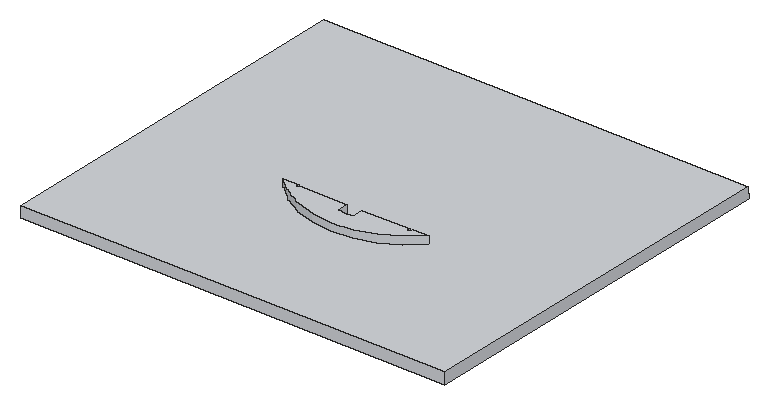
Revit family "Base_ByFace", category Обобщенные модели, Revit 2019
Family settings
  Основа = Грань
  Может служить основой для арматурных стержней = Нет
  Размер круглого соединителя = Использовать диаметр
  Тип детали = Нормальный
  При загрузке вырезать с полостями = Нет
  Общий = Нет
  Точка расчета площади = Нет
Parameters
  Default Elevation = 1219.2 mm
Reference planes
  plane 1 "По центру (Вперед/Назад)": y = 0
  plane 2: z = 0
  plane 3 "По центру (Влево/Вправо)": x = 0
Forms (mm)
  Extrusion 1, solid
    sketch origin (0, 0, 0) x (1, 0, 0) y (0, 1, 0)
      loop
        line (-5800, 4300) -> (-5800, -5936.473) -> (5672.862, -5936.473) -> (5672.862, 4300) -> (-5800, 4300)
    from 0 to -304.8
  Sweep 2, solid
    path origin (0, 0, 0) x (0, 1, 0) y (0, 0, 1)
      loop
        line (0, 0) -> (0, 205)
    profile origin (0, 0, 102.5) x (0, -1, 0) y (1, 0, 0)
      loop
        arc (1850.953, -1965.7) -> (2700, 0) -> (1850.953, 1965.7) r 2700
        line (1850.953, 1965.7) -> (1863.426, 1549.906) -> (1908.828, 1551.268) -> (1911.814, 1451.729) -> (1866.412, 1450.367) -> (1903.923, 200) -> (2171.5, 200) -> (2201.5, 0) -> (2171.5, -200) -> (1903.923, -200) -> (1866.412, -1450.367) -> (1911.814, -1451.729) -> (1908.828, -1551.268) -> (1863.426, -1549.906) -> (1850.953, -1965.7)
Dimensions and locks
  aligned and locked: Extrusion 1 to plane 2
  aligned and locked: Extrusion 1 to level
